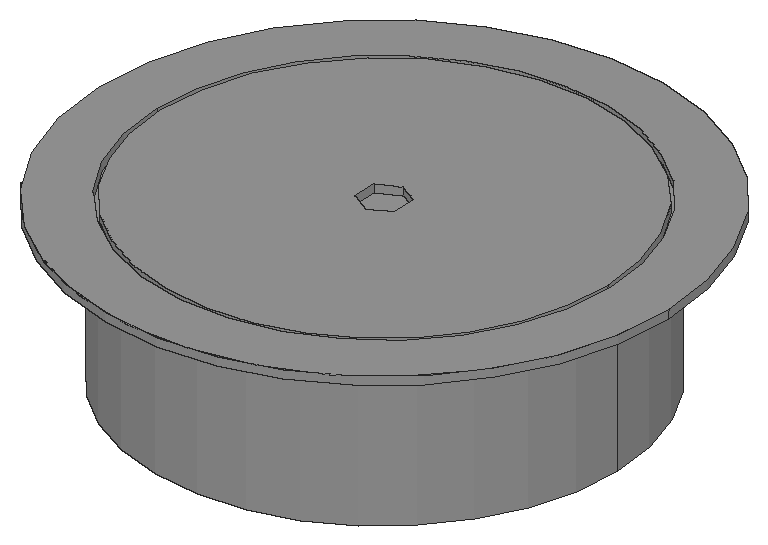
Revit family "Geräteeinsatz blind mit Innensechskant", category Generic Models, Revit 2015
Parameters (values of type "GES R2B Cr")
  URL = "http://www.obo-bettermann.com"
  Radius = 56 mm
  Material = Steel, Chrome Plated
  Manufacturer Art.No. = "7408876"
  Manufacturer = "OBO Bettermann"
  Height 1 = 38 mm
  Height = 40 mm
  GTIN = "4012196460830"
  Diameter 1 = 115 mm
  Diameter = 140 mm
  Article Type = "GES R2B Cr"
Types (5, lengths in mm): name | Material | Manufacturer Art.No. | GTIN | Article Type
  (no name) | Steel, Chrome Plated | "7408876" | "4012196460830" | "GES R2B Cr"
  GES R2B Ni | Nickel-Copper Alloy 400 | "7408870" | "4012196460786" | "GES R2B Ni"
  GES R2B CuZn | Brass | "7408872" | "4012196460793" | "GES R2B CuZn"
  GES R2B Cu | Copper | "7408874" | "4012196460809" | "GES R2B Cu"
  GES R2B Cr | Steel, Chrome Plated | "7408876" | "4012196460830" | "GES R2B Cr"
Reference planes
  plane 1 "Center (Front/Back)": y = 0
  plane 2: z = 0
  plane 3 "Center (Left/Right)": x = 0
  plane 4: z = 38
  plane 5: z = 40
  plane 6: z = 37.8
Forms (mm)
  Extrusion 1, solid, material "Zinc"
    sketch origin (0, 0, 0) x (1, 0, 0) y (0, 1, 0)
      loop
        circle (0, 0) r 57.5
    from 0 to 38
  Extrusion 2, solid, material "Steel, Chrome Plated" <- "Material"
    sketch origin (0, 0, 0) x (1, 0, 0) y (0, 1, 0)
      loop
        circle (0, 0) r 70
    from 38 to 40
  Extrusion 3, void
    sketch origin (0, 0, 0) x (1, 0, 0) y (0, 1, 0)
      loop
        circle (0, 0) r 56
      loop
        circle (0, 0) r 55
    from 38 to 40
  Extrusion 4, void
    sketch origin (0, 0, 4.3) x (1, 0, 0) y (0, 1, 0)
      loop
        line (5, -2.887) -> (5, 2.887) -> (0, 5.774) -> (-5, 2.887) -> (-5, -2.887) -> (0, -5.774) -> (5, -2.887)
    from 33.7 to 35.7
Cuts and joins
  Extrusion 3, Extrusion 4 cuts Extrusion 1
  Extrusion 3, Extrusion 4 cuts Extrusion 2
Dimensions and locks
  "Height 1": plane 4 to level
  "Height": plane 5 to level
  locked: plane 5 to plane 6 at 2.2
  locked: Extrusion 4 sketch curve to Extrusion 4 sketch curve at 10  (x2)
  "Diameter 1": diameter of Extrusion 1 sketch curve
  "Diameter": diameter of Extrusion 2 sketch curve
  "Radius": radius of Extrusion 3 sketch curve
  aligned and locked: level to plane 2
  aligned and locked: plane 4 to Extrusion 1
  aligned and locked: plane 5 to Extrusion 2
  aligned and locked: Extrusion 2 to Extrusion 1
  aligned and locked: Extrusion 3 to Extrusion 1
  aligned and locked: plane 5 to Extrusion 3
  aligned and locked: Extrusion 4 to Extrusion 1
  aligned and locked: plane 5 to Extrusion 4
  aligned and locked: Extrusion 4 to plane 4
  aligned and locked: cut or joined group of Extrusion 2, Extrusion 3, Extrusion 4 to Extrusion 4
Automatic sketch dimensions
  plane 1 "Center (Front/Back)" to Extrusion 1 sketch curve = 0 mm
  Extrusion 1 sketch curve to plane 3 "Center (Left/Right)" = 0 mm
  plane 1 "Center (Front/Back)" to Extrusion 2 sketch curve = 0 mm
  Extrusion 2 sketch curve to plane 3 "Center (Left/Right)" = 0 mm
  plane 1 "Center (Front/Back)" to Extrusion 3 sketch curve = 0 mm
  Extrusion 3 sketch curve to plane 3 "Center (Left/Right)" = 0 mm
  Extrusion 3 sketch curve to Extrusion 3 sketch curve = 0 mm  (x2)
  Extrusion 4 sketch curve to plane 3 "Center (Left/Right)" = 0 mm  (x2)
  Extrusion 4 sketch curve to plane 3 "Center (Left/Right)" = 5 mm
  plane 1 "Center (Front/Back)" to Extrusion 4 sketch curve = 2.887 mm  (x2)
  Extrusion 4 sketch curve to plane 1 "Center (Front/Back)" = 2.887 mm
  radius of Extrusion 3 sketch curve = 55 mm
